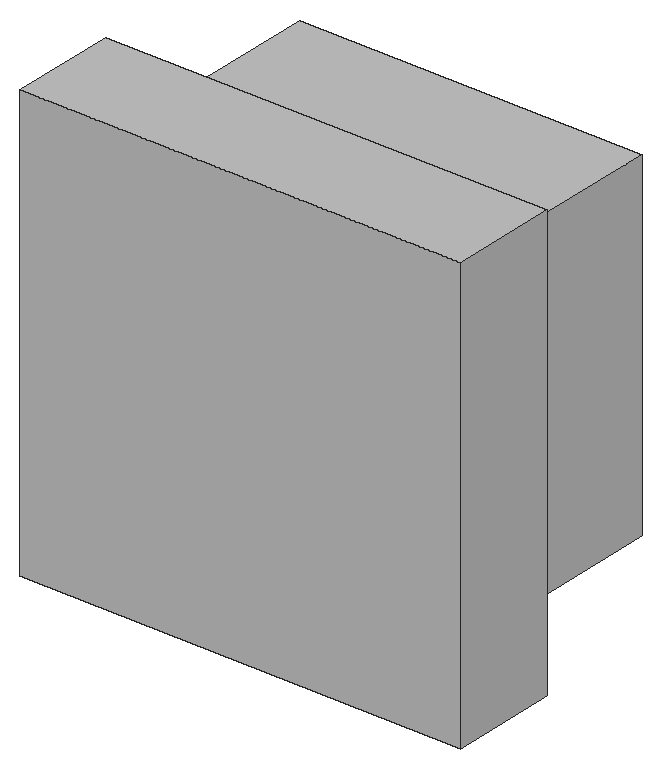
Revit family "efg_egg-20_60mfs(t)b2_50Hz", category 機械設備, Revit 2019
Family settings
  丸型コネクタ寸法 = 直径を使用
  パーツ タイプ = 標準
  OmniClass 番号 = 23.75.35.21.17
  OmniClass タイトル = Industrial Ventilating Equipment
  作業面ベース = いいえ
  常に垂直 = はい
  ロード時にボイドで切り取り = はい
  共有 = いいえ
  部屋計算ポイント = はい
Parameters (values of type "EFG-25MFSB2")
  騒音レベル(dB(A)) [instance] = 42
  風量 [instance] = 710.0 m³/h
  電源種別 [instance] = ""
  電圧 = 100 V
  電動機出力 = 25 W
  電動機_種別 [instance] = ""
  運転質量 = 0.00 kg
  連動 [instance] = ""
  質量 = if(製品質量 > 運転質量, 製品質量, 運転質量) * 1.2  # 7.80 kg
  負荷分類 = 3_ファン類
  説明 = "業務用有圧換気扇 店舗用 メッシュタイプ 給気形"
  設計風量 [instance] = 0.0 m³/h
  設置方法 = "壁付"
  記号 [instance] = ""
  製造元 = "三菱電機株式会社"
  製品質量 = 6.50 kg
  製品出荷対象 = "国内"
  製品リリース年月 = "2022年6月1日"
  製品グループ = ""
  羽根径 = "∅250"
  系統 [instance] = ""
  符号 [instance] = if(☑給気／□排気, "FS", "FE")  # "FS"
  積算_科目 = ""
  積算_拾い区分 [instance] = ""
  相 = 1
  盤記号 [instance] = ""
  盤工事区分 = ""
  発停方法 [instance] = ""
  特殊仕様 [instance] = ""
  火災停止 [instance] = ""
  消費電力 = 36 W
  法定耐用年数 = "15"
  極数 = 2
  極 = 4
  材質 [instance] = ""
  操作・制御方式 = ""
  操作・制御スイッチ = ""
  排気量 [instance] = if(☑給気／□排気, 0.0 m³/h, 設計風量)  # 0.0 m³/h
  形式 = ""
  幹線記号 [instance] = ""
  対象室 [instance] = ""
  実風量 [instance] = 0.0 m³/h
  始動方式 [instance] = "直入"
  外気量 [instance] = if(☑給気／□排気, 設計風量, 0.0 m³/h)  # 0.0 m³/h
  呼称 = "有圧扇"
  周波数 = 50 Hz
  参照している仕様書等のバージョン = ""
  分類コード = "50052503100110"
  分類グループ = ""
  価格 = 68600
  企業コード = "108420"
  付属品_防振装置 = ""
  付属品 [instance] = ""
  仕様書バージョン = "Version1.0"
  モデル = "EFG-25MFSB2"
  ファンの種類 = "軸流羽根"
  コメント [instance] = ""
  Keynote = ""
  ☑給気／□排気 [instance] = yes
  Width = 379 mm
  W1 = 294 mm
  Version = ""
  Uniclass2015Version = "Systems v1.9"
  Uniclass2015Title = "Propeller fans"
  Uniclass2015Code = "Pr_65_67_29_67"
  URL = "https://www.mitsubishielectric.co.jp/ldg/wink/ssl/displayProduct.do?pid=318509"
  SpecificationReference = ""
  SpecificationDescription = ""
  Revision = ""
  ProductInformation = ""
  OmniClassCode = "23-33 31 19 11 17"
  MIN風量 = 520.0 m³/h
  MID風量 = 0.0 m³/h
  MAX風量 = 710.0 m³/h
  IfcTypeProduct = ""
  IfcProduct = ""
  IfcExportType = "TUBEAXIAL"
  IfcExportAs = "IfcFanType"
  Height = 374 mm
  H1 = 294 mm
  Depth = 247 mm
  D1 = 155 mm
  Author = "三菱電機株式会社"
Types (7, lengths in mm): name | 騒音レベル(dB(A)) | 風量 | 電圧 | 電動機出力 | 質量 | 製品質量 | 羽根径 | 相 | 消費電力 | 極数 | 極 | 価格 | モデル | Width | W1 | URL | MIN風量 | MAX風量 | Height | H1 | Depth | D1
  EFG-25MFSB2 | 42 | 710.0 m³/h | 100 V | 25 W | 7.80 kg | 6.50 kg | "∅250" | 1 | 36 W | 2 | 4 | 68600 | "EFG-25MFSB2" | 379 | 294 | "https://www.mitsubishielectric.co.jp/ldg/wink/ssl/displayProduct.do?pid=318509" | 520.0 m³/h | 710.0 m³/h | 374 | 294 | 247 | 155
  EFG-30MFSB2 | 47 | 1090.0 m³/h | 100 V | 50 W | 10.20 kg | 8.50 kg | "∅300" | 1 | 49 W | 2 | 4 | 83500 | "EFG-30MFSB2" | 429 | 344 | "https://www.mitsubishielectric.co.jp/ldg/wink/ssl/displayProduct.do?pid=318568" | 830.0 m³/h | 1090.0 m³/h | 424 | 344 | 272 | 155
  EFG-35MFSB2 | 54 | 1720.0 m³/h | 100 V | 100 W | 12.60 kg | 10.50 kg | "∅350" | 1 | 89 W | 2 | 4 | 121000 | "EFG-35MFSB2" | 484 | 399 | "https://www.mitsubishielectric.co.jp/ldg/wink/ssl/displayProduct.do?pid=318573" | 1400.0 m³/h | 1720.0 m³/h | 479 | 399 | 277 | 155
  EFG-40MFSB2 | 58.5 | 2350.0 m³/h | 100 V | 150 W | 22.92 kg | 19.10 kg | "∅400" | 1 | 144 W | 2 | 4 | 156000 | "EFG-40MFSB2" | 520 | 423 | "https://www.mitsubishielectric.co.jp/ldg/wink/ssl/displayProduct.do?pid=318578" | 2020.0 m³/h | 2350.0 m³/h | 518 | 423 | 343 | 159
  EFG-40MFSTB2 | 58.5 | 2360.0 m³/h | 200 V | 150 W | 22.92 kg | 19.10 kg | "∅400" | 3 | 132 W | 3 | 4 | 156000 | "EFG-40MFSTB2" | 520 | 423 | "https://www.mitsubishielectric.co.jp/ldg/wink/ssl/displayProduct.do?pid=318579" | 0.0 m³/h | 2360.0 m³/h | 518 | 423 | 343 | 159
  EGG-50MFSTB2 | 56.5 | 3820.0 m³/h | 200 V | 400 W | 33.72 kg | 28.10 kg | "∅500" | 3 | 250 W | 3 | 6 | 201000 | "EGG-50MFSTB2" | 620 | 524 | "https://www.mitsubishielectric.co.jp/ldg/wink/ssl/displayProduct.do?pid=318600" | 0.0 m³/h | 3820.0 m³/h | 618 | 524 | 413 | 189
  EGG-60MFSTB2 | 61 | 5800.0 m³/h | 200 V | 400 W | 42.12 kg | 35.10 kg | "∅600" | 3 | 423 W | 3 | 6 | 265000 | "EGG-60MFSTB2" | 710 | 614 | "https://www.mitsubishielectric.co.jp/ldg/wink/ssl/displayProduct.do?pid=318603" | 0.0 m³/h | 5800.0 m³/h | 708 | 614 | 433 | 189
Reference planes
  plane 1 "中心(正面/背面)": y = 0
  plane 2: z = 0
  plane 3 "中心(左/右)": x = 0
  plane 4: z = 0
  plane 5: through (-212.884, -1524, -243.751) normal (0.6508, 0, 0.7593)
  plane 6: through (208.307, -1524, -247.63) normal (-0.6508, 0, 0.7593)
  plane 7 "正面": y = -92
  plane 8: through (-208.307, -1524, -247.63) normal (-0.6508, 0, -0.7593)
  plane 9: y = 158
  plane 10: y = 258
  plane 11: x = -189.5
  plane 12: x = 189.5
  plane 13: z = 187
  plane 14: x = -147
  plane 15: z = 147
  plane 16: z = -187
  plane 17: z = -147
  plane 18: x = 147
  plane 19: y = 155
Forms (mm)
  Extrusion 1, solid, detail levels fine
    sketch origin (0, 0, 0) x (1, 0, 0) y (0, 0, 1)
      loop
        line (-189.5, 187) -> (-189.5, -187) -> (189.5, -187) -> (189.5, 187) -> (-189.5, 187)
    from 0 to 92
  Extrusion 2, solid, detail levels fine
    sketch origin (0, 0, 0) x (1, 0, 0) y (0, 0, 1)
      loop
        line (-147, 147) -> (-147, -147) -> (147, -147) -> (147, 147) -> (-147, 147)
    from -155 to 0
Lines and regions (mm)
  Masking region 1, detail levels coarse+medium
    outline origin (0, 0, 0) x (1, 0, 0) y (0, 1, 0)
      loop
        line (-250, -92) -> (250, -92) -> (250, 158) -> (-250, 158) -> (-250, -92)
  Masking region 2, detail levels coarse+medium
    outline origin (0, 0, 0) x (1, 0, 0) y (0, 1, 0)
      loop
        line (-124, 158) -> (124, 158) -> (124, 258) -> (-124, 258) -> (-124, 158)
  symbolic lines, detail levels coarse+medium
    curve 1: circle (124, -98, 0) r 115 normal (0, 0, 1)
    curve 2: circle (-124, -98, 0) r 115 normal (0, 0, -1)
Dimensions and locks
  level to plane 4 = 0 mm
  plane 7 "正面" to plane 9 to plane 10 = 250 mm locked, 100 mm locked
  equal spacing: plane 18, plane 3 "中心(左/右)", plane 14
  "W1": plane 18 to plane 14
  equal spacing: plane 12, plane 3 "中心(左/右)", plane 11
  "Width": plane 12 to plane 11
  equal spacing: plane 15, level, plane 17
  "H1": plane 15 to plane 17
  equal spacing: plane 13, level, plane 16
  "Height": plane 13 to plane 16
  "D1": plane 1 "中心(正面/背面)" to plane 19
  "Depth": plane 7 "正面" to plane 19
  aligned and locked: level to plane 2
  aligned and locked: plane 7 "正面" to Masking region 1 sketch curve
  aligned and locked: plane 9 to Masking region 1 sketch curve
  aligned and locked: Masking region 2 sketch curve to plane 9
  aligned and locked: plane 10 to Masking region 2 sketch curve
  aligned and locked: Extrusion 1 sketch curve to plane 13
  aligned and locked: plane 11 to Extrusion 1 sketch curve
  aligned and locked: Extrusion 1 sketch curve to plane 16
  aligned and locked: plane 12 to Extrusion 1 sketch curve
  aligned and locked: Extrusion 2 sketch curve to plane 15
  aligned and locked: plane 14 to Extrusion 2 sketch curve
  aligned and locked: Extrusion 2 sketch curve to plane 17
  aligned and locked: plane 18 to Extrusion 2 sketch curve
  aligned and locked: plane 19 to Extrusion 2
  aligned and locked: plane 1 "中心(正面/背面)" to Extrusion 2
  aligned and locked: plane 7 "正面" to Extrusion 1
  aligned and locked: Extrusion 1 to plane 1 "中心(正面/背面)"
Automatic sketch dimensions
  curve 2 to plane 3 "中心(左/右)" = 124 mm
  plane 3 "中心(左/右)" to curve 1 = 124 mm
  Masking region 1 sketch curve to plane 3 "中心(左/右)" = 250 mm
  plane 3 "中心(左/右)" to Masking region 1 sketch curve = 250 mm
  Masking region 2 sketch curve to plane 3 "中心(左/右)" = 124 mm
  plane 3 "中心(左/右)" to Masking region 2 sketch curve = 124 mm
  plane 7 "正面" to curve 2 = 6 mm
  plane 7 "正面" to curve 1 = 6 mm
  radius of curve 1 = 115 mm
  radius of curve 2 = 115 mm
Connectors
  electrical at (-189.5, -46, 0), driven by "極数", driven by "負荷分類", driven by "電圧", driven by "消費電力"
    settings: on Extrusion 1, index 1, voltage 100 V, apparent load 36 VA, apparent load phase1 0 VA, apparent load phase2 0 VA, apparent load phase3 0 VA, power factor 1, load classification "3_ファン類", number of poles 2, system type 30, power factor state 1, is connector primary yes, connector utility no, sub classification motor no, connector description ""
